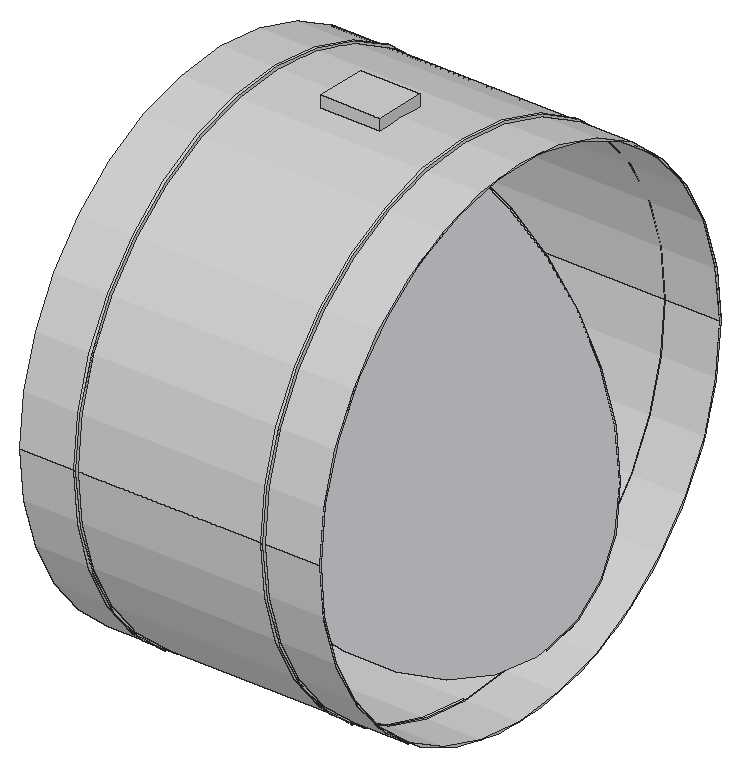
Revit family "НЕВАТОМ_Заслонка Э-D-ОЦ-Р.Р., Версия 2", category Арматура воздуховодов, Revit 2017
Family settings
  Размер круглого соединителя = Использовать диаметр
  Тип детали = Вставляется
  На основе рабочей плоскости = Нет
  Всегда вертикально = Нет
  При загрузке вырезать с полостями = Нет
  Общий = Нет
Parameters (values of type "Заслонка-Э-D-p.p.")
  дл.площадки = 100 mm  # constant formula
  ДЛ.КРЕПЛ = 50 mm  # constant formula
  Открыто = and(not(Закрыто))  # yes
  Материал уплотнителя = Материал уплотнителя
  Материал корпуса = Материал корпуса
  Закрыто = no
  t = 1 mm  # constant formula
  Nevatom_URL = "https://t.me/NEVATOM_Bim_bot"
  H [instance] = D / 2 + 10 mm  # 260 mm
  Dn [instance] = D + 6 mm  # 506 mm
  шп = 60 mm
  Dt [instance] = D + 2 * t  # 502 mm
  L [instance] = size_lookup("НЕВАТОМ_Заслонка Э-D-PP", "L", 0 mm, D)  # 190 mm
  ADSK_Ток = 0 A
  ADSK_Полная мощность = 0 VA
  ADSK_Напряжение = 220 V
  D [instance] = 500 mm
  ADSK_Расход воздуха = 0.0 m³/h
  ADSK_Примечание = ""
  ADSK_Потеря давления воздуха = 0.0 Pa
  ADSK_Позиция = ""
  ADSK_Наименование = "Заслонка круглого сечения"  # constant formula
  ADSK_Материал наименование = "Оцинкованная сталь"  # constant formula
  ADSK_Марка [instance] = size_lookup("НЕВАТОМ_Заслонка Э-D-PP", "", "нет типоразмера", D)  # "Заслонка-Э-500-оц.-р.р."
  ADSK_Количество фаз = 1
  ADSK_Количество = 1  # constant formula
  ADSK_Код изделия = ""
  ADSK_Завод-изготовитель = "НЕВАТОМ"  # constant formula
  ADSK_Единица измерения = "шт."  # constant formula
  A [instance] = size_lookup("НЕВАТОМ_Заслонка Э-D-PP", "A", 0 mm, D)  # 55 mm
Reference planes
  plane 1 "По центру (Вперед/Назад)": y = 0
  plane 2: z = 0
  plane 3 "По центру (Влево/Вправо)": x = 0
  plane 4: y = 250
  plane 5: y = -250
  plane 6: x = -150
  plane 7: x = 150
  plane 8: z = 251
  plane 9: z = -251
  plane 10: y = -251
  plane 11: y = 251
  plane 12: y = -25
  plane 13: y = 25
  plane 14: x = -95
  plane 15: x = 95
Forms (mm)
  Extrusion 1, solid, material "Материал корпуса" <- "Материал корпуса"
    sketch origin (0, 0, 0) x (0, 1, 0) y (0, 0, 1)
      loop
        circle (0, 0) r 251
      loop
        circle (0, 0) r 250
    from -150 to 150
  Extrusion 2, solid, visible <- "Открыто"
    sketch origin (0, 0, 0) x (1, 0, 0) y (0, 0, 1)
      loop
        circle (0, 0) r 250
    from -0.5 to 0.5
  Extrusion 3, solid, material "Материал корпуса" <- "Материал корпуса", visible <- "Закрыто"
    sketch origin (0, 0, 0) x (0, 1, 0) y (0, 0, 1)
      loop
        circle (0.5, 0) r 250
    from -0.5 to 0.5
  Extrusion 4, solid, material "Материал корпуса"
    sketch origin (0, 0, 0) x (0, 1, 0) y (0, 0, 1)
      loop
        arc (-25, 248.747) -> (0, 250) -> (25, 248.747) r 250
        line (25, 248.747) -> (25, 260) -> (-25, 260) -> (-25, 248.747)
    from -30 to 30
  Extrusion 5, solid, material "Материал корпуса", not visible
    sketch origin (0, 0, 0) x (1, 0, 0) y (0, 1, 0)
      loop
        line (-30, 25) -> (-30, -75) -> (30, -75) -> (30, 25) -> (-30, 25)
    from 251 to 260
  Extrusion 6, solid, material "Материал корпуса"
    sketch origin (0, 0, 0) x (0, 1, 0) y (0, 0, 1)
      loop
        circle (0.5, 0) r 250
      loop
        circle (0, 0) r 253
    from 92.491 to 95
  Extrusion 7, solid, material "Материал корпуса"
    sketch origin (0, 0, 0) x (0, 1, 0) y (0, 0, -1)
      loop
        circle (0.5, 0) r 250
      loop
        circle (0, 0) r 253
    from 92.491 to 95
Dimensions and locks
  equal spacing: plane 6, plane 3 "По центру (Влево/Вправо)", plane 7
  equal spacing: plane 4, plane 1 "По центру (Вперед/Назад)", plane 5
  "D": plane 4 to plane 5
  equal spacing: plane 8, level, plane 9
  "Dt": plane 8 to plane 9
  equal spacing: plane 10, plane 1 "По центру (Вперед/Назад)", plane 11
  "Dt": plane 10 to plane 11
  equal spacing: Extrusion 2, plane 1 "По центру (Вперед/Назад)", Extrusion 2
  "t": Extrusion 2 to Extrusion 2
  equal spacing: Extrusion 3, plane 3 "По центру (Влево/Вправо)", Extrusion 3
  "t": Extrusion 3 to Extrusion 3
  equal spacing: plane 12, plane 1 "По центру (Вперед/Назад)", plane 13
  "ДЛ.КРЕПЛ": plane 12 to plane 13
  "H": Extrusion 4 sketch curve to level
  equal spacing: Extrusion 4, plane 3 "По центру (Влево/Вправо)", Extrusion 4
  "шп": Extrusion 4 to Extrusion 4
  equal spacing: Extrusion 5 sketch curve, plane 3 "По центру (Влево/Вправо)", Extrusion 5 sketch curve
  Extrusion 5 sketch curve to Extrusion 5 sketch curve = 60 mm
  "дл.площадки": Extrusion 5 to plane 13
  "A": plane 6 to plane 14
  "A": plane 15 to plane 7
  locked: Extrusion 6 to Extrusion 6 at 2.509
  locked: Extrusion 7 to Extrusion 7 at 2.509
  "L": plane 14 to plane 15
  "D": diameter of Extrusion 1 sketch curve
  "Dt": diameter of Extrusion 1 sketch curve
  "D": diameter of Extrusion 2 sketch curve
  "D": diameter of Extrusion 3 sketch curve
  "D": diameter of Extrusion 6 sketch curve
  "Dn": diameter of Extrusion 6 sketch curve
  "D": diameter of Extrusion 7 sketch curve
  "Dn": diameter of Extrusion 7 sketch curve
  aligned and locked: level to plane 2
  aligned and locked: Extrusion 4 sketch curve to Extrusion 1
  aligned and locked: plane 7 to Extrusion 1
  aligned and locked: Extrusion 1 to plane 6
  aligned and locked: Extrusion 5 to Extrusion 4  (x2)
  aligned and locked: plane 13 to Extrusion 5
  aligned and locked: Extrusion 5 to plane 8
  aligned and locked: plane 15 to Extrusion 6
  aligned and locked: plane 14 to Extrusion 7
Automatic sketch dimensions
  Extrusion 5 sketch curve to plane 13 = 0 mm
  plane 10 to Extrusion 5 sketch curve = 176 mm
  Extrusion 1 sketch curve to Extrusion 1 sketch curve = 0 mm  (x2)
  Extrusion 1 sketch curve to level = 0 mm
  Extrusion 1 sketch curve to plane 1 "По центру (Вперед/Назад)" = 0 mm
  Extrusion 2 sketch curve to level = 0 mm
  Extrusion 2 sketch curve to plane 3 "По центру (Влево/Вправо)" = 0 mm
  Extrusion 3 sketch curve to level = 0 mm
  Extrusion 3 sketch curve to plane 1 "По центру (Вперед/Назад)" = 0.5 mm
  Extrusion 4 sketch curve to plane 12 = 0 mm
  Extrusion 4 sketch curve to plane 13 = 0 mm
  Extrusion 6 sketch curve to level = 0 mm  (x2)
  Extrusion 6 sketch curve to plane 1 "По центру (Вперед/Назад)" = 0 mm
  Extrusion 6 sketch curve to Extrusion 6 sketch curve = 0.5 mm
  Extrusion 7 sketch curve to level = 0 mm  (x2)
  Extrusion 7 sketch curve to plane 1 "По центру (Вперед/Назад)" = 0 mm
  Extrusion 7 sketch curve to Extrusion 7 sketch curve = 0.5 mm
Connectors
  hvac at (-95, 0, 0), driven by "D"
    settings: on Extrusion 7, index 4, duct flow 0.0 m³/h, flow factor 0, pres drop 0.0 Pa, loss coef 0, conn angle 0.00°, conn width 304.8 mm, conn height 304.8 mm, conn diameter 500 mm, duct sys type 29, conn prof type 0, flow config 0, flow direction 0, loss method 4, conn ref index 5, conn util no, is conn primary yes, conn desc ""
  hvac at (95, 0, 0), driven by "D"
    settings: on Extrusion 6, index 5, duct flow 0.0 m³/h, flow factor 0, pres drop 0.0 Pa, loss coef 0, conn angle 0.00°, conn width 304.8 mm, conn height 304.8 mm, conn diameter 500 mm, duct sys type 29, conn prof type 0, flow config 0, flow direction 0, loss method 4, conn ref index 4, conn util no, is conn primary no, conn desc ""
  electrical at (0, 0, 260), driven by "ADSK_Напряжение", driven by "ADSK_Количество фаз"
    settings: on Extrusion 4, index 6, voltage 220 V, apparent load 0 VA, apparent load phase1 0 VA, apparent load phase2 0 VA, apparent load phase3 0 VA, power factor 1, load classification "Прочее", number of poles 1, system type 30, power factor state 1, is connector primary yes, connector utility no, sub classification motor no, connector description ""
